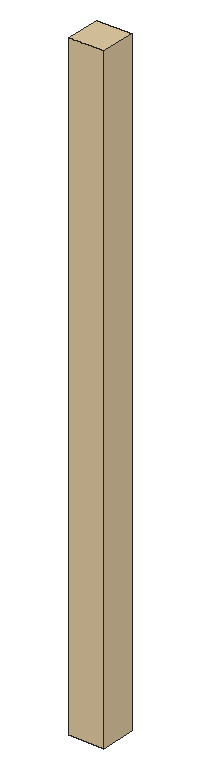
Revit family
Parameters (values of type "140x140")
  Column Material [instance] = Wood - Dimensional Lumber
  Assembly Code = ""
  A = 0.01952 m²
  Ix = 3174
  Iy = 3174
  Sx = 454.4
  Sy = 454.4
  b = 139.7 mm
  d = 139.7 mm
Reference planes
  plane 1 "Center (Front/Back)": y = 0
  plane 2: z = 0
  plane 3 "Center (Left/Right)": x = 0
  plane 4: x = -69.85
  plane 5: x = 69.85
  plane 6: y = 69.85
  plane 7: y = -69.85
Forms (mm)
  Extrusion 1, solid, material "Wood - Dimensional Lumber" <- "Column Material", detail levels medium+fine
    sketch origin (0, 0, 0) x (1, 0, 0) y (0, 1, 0)
      loop
        line (-69.85, 69.85) -> (-69.85, -69.85) -> (69.85, -69.85) -> (69.85, 69.85) -> (-69.85, 69.85)
    from 0 to 2500
Lines and regions (mm)
  symbolic lines, style "StructuralColumnStickSymbols", detail levels coarse
    curve 1: line (-69.85, 69.85, 0) -> (69.85, 69.85, 0)
    curve 2: line (-69.85, -69.85, 0) -> (69.85, -69.85, 0)
    curve 3: line (-69.85, 69.85, 0) -> (-69.85, -69.85, 0)
    curve 4: line (69.85, 69.85, 0) -> (69.85, -69.85, 0)
Dimensions and locks
  equal spacing: plane 4, plane 3 "Center (Left/Right)", plane 5
  equal spacing: plane 7, plane 1 "Center (Front/Back)", plane 6
  "d": plane 7 to plane 6
  "b": plane 4 to plane 5
  aligned and locked: plane 6 to Extrusion 1 sketch curve
  aligned and locked: Extrusion 1 sketch curve to plane 7
  aligned and locked: Extrusion 1 sketch curve to plane 4
  aligned and locked: plane 5 to Extrusion 1 sketch curve
  aligned and locked: level to Extrusion 1
  aligned and locked: level to plane 2
  aligned and locked: Extrusion 1 to plane 2
Automatic sketch dimensions
  curve 3 to plane 4 = 0 mm
  curve 4 to plane 5 = 0 mm
  curve 3 to plane 7 = 0 mm
  curve 3 to plane 6 = 0 mm
